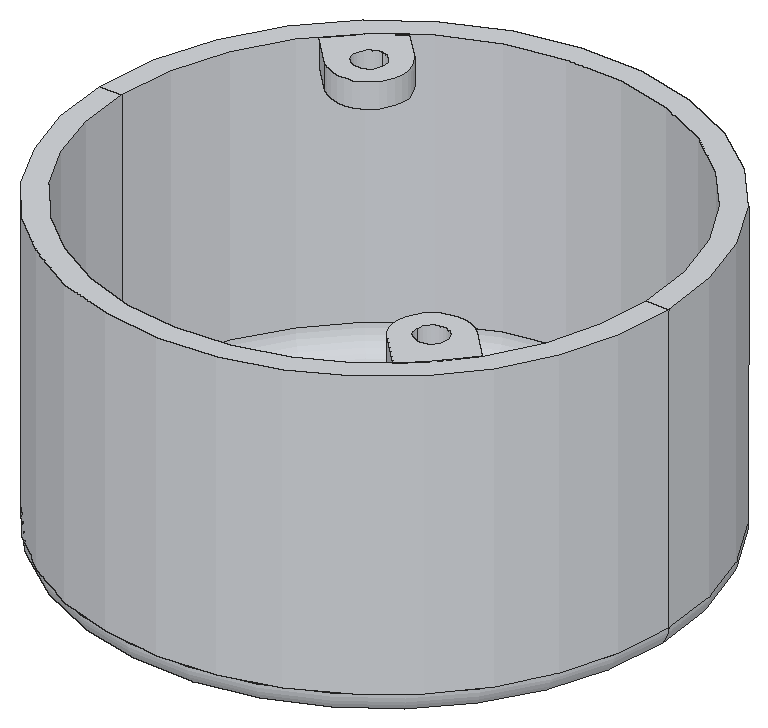
Revit family "LP1G", category Generic Models, Revit 2017
Family settings
  Can host rebar = No
  Round Connector Dimension = Use Diameter
  Part Type = Normal
  Work Plane-Based = Yes
  Always vertical = No
  Cut with Voids When Loaded = No
  Shared = No
  Room Calculation Point = No
Parameters (values of type "NBS Standard Parameters")
  Weight = "0.1255Kg"
  WarrantyStartDate [instance] = "1900-12-31T23:59:59"
  WarrantyGuarantorParts = "n/a"
  WarrantyGuarantorLabor = "n/a"
  WarrantyDurationUnit = "1 year"
  WarrantyDurationParts = "n/a"
  WarrantyDurationLabor = "n/a"
  WarrantyDescription = "n/a"
  Version = "1"
  Uniclass2 = "Pr_65_70_11_20"
  TagNumber [instance] = "n/a"
  SustainabilityPerformance = "n/a"
  Size = "1 Hole"
  Shape = "Circular"
  SerialNumber [instance] = "n/a"
  Revision = "n/a"
  ReplacementCost = "n/a"
  ProductInformation = "www.metpro.co.uk/pdf/LP1G.pdf"
  NominalWidth = 66 mm
  NominalLength = 66 mm
  NominalHeight = 32.5 mm
  Name = ""
  NBSTypeID = ""
  NBSReference = "90-55-10/460"
  NBSOfficeMasterTag = ""
  NBSNote = ""
  NBSDescription = "Conduit Fittings"
  NBSCertification = ""
  ModelReference = "LP1G"
  ModelNumber = "n/a"
  Material = "Mild Steel"
  ManufacturerURL = "www.metpro.co.uk"
  ManufacturerName = "Metpro Ltd"
  Keynote = "Compliant to LU  Standard 1-085"
  InstallationDate [instance] = "1900-12-31T23:59:59"
  IfcExportType = ""
  IfcExportAs = ""
  Grade = "n/a"
  Finish = "BZP"
  Features = "n/a"
  ExpectedLife = "n/a"
  DurationUnit = "year"
  Description = "LP1G  One Hole Loopin box"
  Default Elevation = 1219.2 mm
  Constituents = "n/a"
  Color = "n/a"
  CodePerformance = "n/a"
  Category = "n/a"
  BarCode [instance] = "n/a"
  BIMObjectName = "Metpro_Metprolibrary_Conduitfittings_metalcomponent_Steelaccessories"
  Author = "Metpro Ltd"
  AssetType = ""
  AssetIdentifier [instance] = "n/a"
  AccessibilityPerformance = "n/a"
Reference planes
  plane 1 "Center (Front/Back)": y = 0
  plane 2: z = 0
  plane 3 "Center (Left/Right)": x = 0
Forms (mm)
  Revolve 1, solid
    sketch origin (155.469, 918.203, 707.693) x (1, 0, 0) y (0, 0, 1)
      loop
        line (-32.5, 45.041) -> (-32.5, 12.5)
        arc (-32.5, 12.5) -> (-31.768, 10.732) -> (-30, 10) r 2.5
        line (-30, 10) -> (-10, 10) -> (-10, 12.541) -> (-27, 12.541)
        arc (-27, 12.541) -> (-29.121, 13.42) -> (-30, 15.541) r 3
        line (-30, 15.541) -> (-30, 45.041) -> (-32.5, 45.041)
      axis (0, 10) -> (0, 45.041)
    angle from 0 to 360
  Extrusion 2, solid
    sketch origin (155.469, 918.203, 752.734) x (0, 1, 0) y (-1, 0, 0)
      loop
        arc (-13.805, -21.577) -> (-13.887, -16.02) -> (-19.441, -15.821) r 4.033
        line (-19.441, -15.821) -> (-22.946, -19.326)
        arc (-22.946, -19.326) -> (-20.14, -22.235) -> (-16.968, -24.74) r 30
        line (-16.968, -24.74) -> (-13.805, -21.577)
      loop
        circle (-16.769, -18.842) r 1.752
      loop
        line (21.577, 13.805) -> (24.74, 16.968)
        arc (24.74, 16.968) -> (22.235, 20.14) -> (19.326, 22.946) r 30
        line (19.326, 22.946) -> (15.821, 19.441)
        arc (15.821, 19.441) -> (16.02, 13.887) -> (21.577, 13.805) r 4.033
      loop
        circle (18.842, 16.769) r 1.752
    from -2.782 to 0
Dimensions and locks
  aligned and locked: level to plane 2
